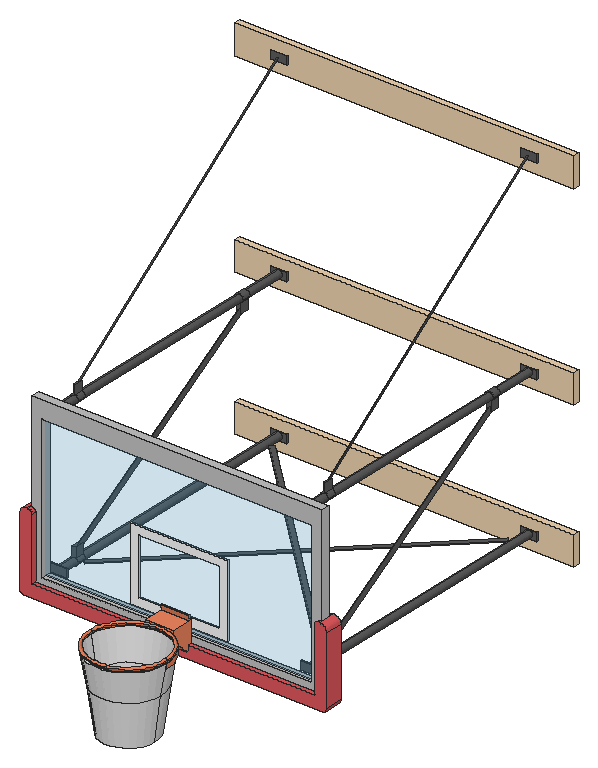
Revit family "Basketball_Backstop-Wall_Mount-Stationary-IPIbyBison-IP10WB", category Specialty Equipment, Revit 2024
Family settings
  Round Connector Dimension = Use Diameter
  Part Type = Normal
  OmniClass Number = 23.40.50.34.14
  OmniClass Title = Gymnasium Equipment
  Work Plane-Based = Yes
  Enable Cutting in Views = No
  Always vertical = No
  Cut with Voids When Loaded = No
  Maintain Annotation Orientation = No
  Shared = No
  Room Calculation Point = No
Parameters (values of type "Wall Mounted Stationary")
  wall distance text = "1 to 10 ft from Wall"
  cablecontrol [instance] = 0' - 8"  # constant formula
  Wall Plate Material = Wood - IPI by Bison
  Unit Width = 7' - 0"
  Unit Height [instance] = Stringer Height_First + 0' 2"  # 10' - 0"
  Unit Depth = 2' - 8"
  URL = "https://ipibybison.com/"
  Stringer Wood [instance] = Wood - IPI by Bison
  Stringer Height_Third [instance] = 4' - 0"
  Stringer Height_Second [instance] = 3' - 0"
  Stringer Height_First [instance] = 9' - 10"
  Specification = "https://www.arcat.com/company/ipi-by-bison-38554/spec"
  Rim Color [instance] = Plastic - IPI by Bison - Orange OR
  Range of Wall Distance [instance] = wall distance text  # "1 to 10 ft from Wall"
  Product Page URL = "https://www.arcat.com/arcatcos/cos38/arc38554.html"
  Net Color [instance] = Finish - IPI by Bison - White Netting
  Model = "IP10WB"
  Manufacturer = "IPI by Bison"
  Keynote = "11 66 00"
  Glass [instance] = Glass - IPI by Bison
  Frame Finish [instance] = Finish - IPI by Bison - Black
  ExtReinforce [instance] = Backboard Distance from Wall > 2' 0"  # yes
  Description = "Basketball Frame and Backboard, Wall Mount"
  Default Elevation = 0' - 0"
  Copyright = "© 2023 ARCAT"  # constant formula
  CAD Details = "https://www.arcat.com/company/ipi-by-bison-38554/cad"
  Backboard Square Color [instance] = Finish - IPI by Bison - White
  Backboard Padding Color [instance] = Plastic - IPI by Bison - Scarlet SC
  Backboard Distance from Wall [instance] = 6' - 0"
  Backboard Color [instance] = Finish - IPI by Bison - Satin Aluminum
  Assembly Code = ""
Reference planes (in)
  plane 1 "Center (Front/Back)": y = 0
  plane 2 "Bottom": z = 0
  plane 3 "Center (Left/Right)": x = 0
  plane 4 "Left": x = -42
  plane 5 "Right": x = 42
  plane 6 "Top": z = 120
  plane 7: y = -72
  plane 8: y = -59.5813
  plane 9: z = 118
  plane 10: z = 154
  plane 11: z = 202
  plane 12: x = -31.00488
  plane 13: x = 31.00488
  plane 14: y = -69.5
  plane 15: y = -64
  plane 16: y = -6
Forms (in)
  Extrusion 1, solid, material "Wood - IPI by Bison" <- "Stringer Wood"
    sketch origin (0, 0, 0) x (0, 1, 0) y (0, 0, 1)
      loop
        line (0, 198.375) -> (0, 205.625) -> (-1.5, 205.625) -> (-1.5, 198.375) -> (0, 198.375)
      loop
        line (0, 150.375) -> (0, 157.625) -> (-1.5, 157.625) -> (-1.5, 150.375) -> (0, 150.375)
      loop
        line (0, 114.375) -> (0, 121.625) -> (-1.5, 121.625) -> (-1.5, 114.375) -> (0, 114.375)
    from -42 to 42
  Extrusion 2, solid, material "Finish - IPI by Bison - Black" <- "Frame Finish"
    sketch origin (-31.00488, -180, 220.71867) x (0, 0, 1) y (0, -1, 0)
      loop
        line (-67.71867, -110.25) -> (-67.71867, -110.5) -> (-65.71867, -110.5) -> (-65.71867, -110.25) -> (-67.71867, -110.25)
      loop
        line (-101.71867, -110.25) -> (-103.71867, -110.25) -> (-103.71867, -110.5) -> (-101.71867, -110.5) -> (-101.71867, -110.25)
      loop
        line (-67.71867, -178.5) -> (-65.71867, -178.5) -> (-65.71867, -178.25) -> (-67.71867, -178.25) -> (-67.71867, -178.5)
      loop
        line (-103.71867, -178.5) -> (-101.71867, -178.5) -> (-101.71867, -178.25) -> (-103.71867, -178.25) -> (-103.71867, -178.5)
      loop
        line (-19.71867, -178.5) -> (-17.71867, -178.5) -> (-17.71867, -178.25) -> (-19.71867, -178.25) -> (-19.71867, -178.5)
    from 2 to -2
  Extrusion 3, solid, material "Finish - IPI by Bison - Black" <- "Frame Finish"
    sketch origin (31.00488, -180, 220.71867) x (0, 0, 1) y (0, -1, 0)
      loop
        line (-65.71867, -110.25) -> (-67.71867, -110.25) -> (-67.71867, -110.5) -> (-65.71867, -110.5) -> (-65.71867, -110.25)
      loop
        line (-103.71867, -110.25) -> (-103.71867, -110.5) -> (-101.71867, -110.5) -> (-101.71867, -110.25) -> (-103.71867, -110.25)
      loop
        line (-103.71867, -178.25) -> (-103.71867, -178.5) -> (-101.71867, -178.5) -> (-101.71867, -178.25) -> (-103.71867, -178.25)
      loop
        line (-67.71867, -178.25) -> (-67.71867, -178.5) -> (-65.71867, -178.5) -> (-65.71867, -178.25) -> (-67.71867, -178.25)
      loop
        line (-19.71867, -178.25) -> (-19.71867, -178.5) -> (-17.71867, -178.5) -> (-17.71867, -178.25) -> (-19.71867, -178.25)
    from 2 to -2
  Extrusion 4, solid, material "Finish - IPI by Bison - Black" <- "Frame Finish"
    sketch origin (31.00488, -1.75, 153) x (0, 0, 1) y (-1, 0, 0)
      loop
        circle (1, 62.00977) r 0.875
      loop
        circle (-35, 62.00977) r 0.875
      loop
        circle (1, 0) r 0.875
      loop
        circle (-35, 0) r 0.875
    from 0 to 67.75
  Extrusion 5, solid, material "Finish - IPI by Bison - Black" <- "Frame Finish"
    sketch origin (0, -64, 159.04229) x (0, 0, 1) y (1, 0, 0)
      loop
        line (-4.05404, 30.85203) -> (-1.80404, 30.85203) -> (-1.80404, 31.15773) -> (-4.05404, 31.15773)
        arc (-4.05404, 31.15773) -> (-6.04229, 31.00488) -> (-4.05404, 30.85203) r 1
      loop
        arc (-4.05404, -30.85203) -> (-6.04229, -31.00488) -> (-4.05404, -31.15773) r 1
        line (-4.05404, -31.15773) -> (-1.80404, -31.15773) -> (-1.80404, -30.85203) -> (-4.05404, -30.85203)
    from 1 to -1
  Sweep 6, solid, material "Finish - IPI by Bison - Black" <- "Frame Finish"
    path origin (0, 0, 0) x (0, 1, 0) y (0, 0, 1)
      loop
        line (-64, 156.75) -> (-2.09969, 202)
    profile origin (0, -33.04984, 179.375) x (0, -0.590145, 0.807297) y (1, 0, 0)
      loop
        circle (0, -31.00488) r 0.125
      loop
        circle (0, 31.00488) r 0.125
  Extrusion 7, solid, material "Finish - IPI by Bison - Black" <- "Frame Finish", visible <- "ExtReinforce"
    sketch origin (0, -64, 159.04229) x (0, 0, 1) y (1, 0, 0)
      loop
        arc (-40.23514, -30.41453) -> (-42.04229, -31.00488) -> (-40.23514, -31.59523) r 1
        line (-40.23514, -31.59523) -> (-37.80404, -31.59523) -> (-37.80404, -30.41453) -> (-40.23514, -30.41453)
      loop
        line (-40.23514, 30.41453) -> (-37.80404, 30.41453) -> (-37.80404, 31.59523) -> (-40.23514, 31.59523)
        arc (-40.23514, 31.59523) -> (-42.04229, 31.00488) -> (-40.23514, 30.41453) r 1
    from 1 to -1
  Extrusion 8, solid, material "Finish - IPI by Bison - Black" <- "Frame Finish", visible <- "ExtReinforce"
    sketch origin (0, 0, 0) x (1, 0, 0) y (0, 0, 1)
      loop
        line (30.41453, 153.19285) -> (30.41453, 150.76175) -> (31.59523, 150.76175) -> (31.59523, 153.19285)
        arc (31.59523, 153.19285) -> (31.00488, 155) -> (30.41453, 153.19285) r 1
      loop
        arc (-30.41453, 153.19285) -> (-31.00488, 155) -> (-31.59523, 153.19285) r 1
        line (-31.59523, 153.19285) -> (-31.59523, 150.76175) -> (-30.41453, 150.76175) -> (-30.41453, 153.19285)
    from 14 to 12
  Sweep 9, solid, material "Finish - IPI by Bison - Black" <- "Frame Finish", visible <- "ExtReinforce"
    path origin (0, 0, 0) x (0, 1, 0) y (0, 0, 1)
      loop
        line (-64, 120.25) -> (-13.02507, 151.44784)
    profile origin (0, -38.51254, 135.84892) x (0, -0.522016, 0.852935) y (1, 0, 0)
      loop
        line (-0.625, 31.13152) -> (-0.625, 30.88152) -> (0.625, 30.88152) -> (0.625, 31.13152) -> (-0.625, 31.13152)
      loop
        line (-0.625, -31.13152) -> (0.625, -31.13152) -> (0.625, -30.88152) -> (-0.625, -30.88152) -> (-0.625, -31.13152)
  Sweep 10, solid, material "Finish - IPI by Bison - Black" <- "Frame Finish", visible <- "ExtReinforce"
    path origin (0, 0, 0) x (1, 0, 0) y (0, 1, 0)
      loop
        line (-29.25488, -6) -> (29.256, -64)
    profile origin (0.00056, -35, 0) x (0.703999, 0.710201, 0) y (0, 0, 1)
      loop
        line (-0.625, 118) -> (0.625, 118) -> (0.625, 118.25) -> (-0.625, 118.25) -> (-0.625, 118)
  Sweep 11, solid, material "Finish - IPI by Bison - Black" <- "Frame Finish", visible <- "ExtReinforce"
    path origin (0, 0, 0) x (-1, 0, 0) y (0, 1, 0)
      loop
        line (-29.25488, -6) -> (29.256, -64)
    profile origin (-0.00056, -35, 0) x (0.703999, -0.710201, 0) y (0, 0, 1)
      loop
        line (-0.65618, 118) -> (-0.65618, 117.75) -> (0.59382, 117.75) -> (0.59382, 118) -> (-0.65618, 118)
Dimensions and locks (in)
  equal spacing: plane 4 "Left", plane 3 "Center (Left/Right)", plane 5 "Right"
  "Unit Width": plane 4 "Left" to plane 5 "Right"
  "Unit Height": plane 6 "Top" to level
  locked: plane 7 to plane 8 at 12.4187
  "Backboard Distance from Wall": plane 7 to plane 1 "Center (Front/Back)"
  "Stringer Height_First": plane 9 to level
  "Stringer Height_Second": plane 10 to plane 9
  "Stringer Height_Third": plane 11 to plane 10
  Extrusion 1 sketch curve to plane 9 to Extrusion 1 sketch curve = 0' - 3 5/8" locked, 0' - 3 5/8" locked
  Extrusion 1 sketch curve to plane 10 to Extrusion 1 sketch curve = 0' - 3 5/8" locked, 0' - 3 5/8" locked
  Extrusion 1 sketch curve to plane 11 to Extrusion 1 sketch curve = 0' - 3 5/8" locked, 0' - 3 5/8" locked
  Extrusion 2 sketch curve to plane 10 to Extrusion 2 sketch curve = 0' - 1" locked, 0' - 1" locked  (x2)
  plane 7 to Extrusion 2 sketch curve to Extrusion 2 sketch curve = 0' - 2 1/4" locked, 0' - 0 1/4" locked  (x2)
  Extrusion 2 sketch curve to plane 9 to Extrusion 2 sketch curve = 0' - 1" locked, 0' - 1" locked  (x2)
  Extrusion 2 sketch curve to plane 11 to Extrusion 2 sketch curve = 0' - 1" locked, 0' - 1" locked
  equal spacing: plane 13, plane 3 "Center (Left/Right)", plane 12
  locked: plane 13 to plane 12 at 62.00977
  locked: Extrusion 3 sketch curve to Extrusion 3 sketch curve at 0.25  (x5)
  Extrusion 3 sketch curve to plane 10 to Extrusion 3 sketch curve = 0' - 1" locked, 0' - 1" locked  (x2)
  Extrusion 3 sketch curve to plane 9 to Extrusion 3 sketch curve = 0' - 1" locked, 0' - 1" locked  (x2)
  locked: plane 7 to Extrusion 3 sketch curve at 2.25  (x2)
  Extrusion 3 sketch curve to plane 11 to Extrusion 3 sketch curve = 0' - 1" locked, 0' - 1" locked
  locked: Extrusion 4 sketch curve to plane 12
  locked: Extrusion 4 sketch curve to plane 10
  locked: plane 12 to Extrusion 4 sketch curve
  locked: plane 9 to Extrusion 4 sketch curve  (x2)
  locked: plane 13 to Extrusion 4 sketch curve
  locked: Extrusion 4 sketch curve to plane 13
  locked: plane 10 to Extrusion 4 sketch curve
  locked: plane 7 to plane 14 at 2.5
  "cablecontrol": plane 7 to plane 15
  Extrusion 5 sketch curve to plane 13 to Extrusion 5 sketch curve to Extrusion 5 sketch curve = 0' - 0.15285" locked, 0' - 0" locked, 0' - 0.15285" locked
  Extrusion 5 sketch curve to plane 12 to Extrusion 5 sketch curve to Extrusion 5 sketch curve = 0' - 0.15285" locked, 0' - 0" locked, 0' - 0.15285" locked
  Extrusion 5 sketch curve to plane 10 to Extrusion 5 sketch curve = 0' - 3.23825" locked, 0' - 0" locked  (x2)
  locked: Sweep 6 sketch curve to plane 1 "Center (Front/Back)" at 2.09969
  locked: plane 11 to Sweep 6 sketch curve at 0
  locked: Sweep 6 sketch curve to plane 10 at 2.75
  locked: plane 15 to Sweep 6 sketch curve
  Extrusion 7 sketch curve to plane 9 to Extrusion 7 sketch curve = 0' - 3.23825" locked, 0' - 0" locked  (x2)
  Extrusion 7 sketch curve to plane 12 to Extrusion 7 sketch curve to Extrusion 7 sketch curve = 0' - 0.59035" locked, 0' - 0" locked, 0' - 0.59035" locked
  Extrusion 7 sketch curve to plane 13 to Extrusion 7 sketch curve to Extrusion 7 sketch curve = 0' - 0.59035" locked, 0' - 0" locked, 0' - 0.59035" locked
  plane 10 to Extrusion 8 sketch curve to Extrusion 8 sketch curve = 0' - 0" locked, 0' - 3.23825" locked  (x2)
  locked: plane 10 to Sweep 9 sketch curve at 2.55216
  locked: Sweep 9 sketch curve to plane 1 "Center (Front/Back)" at 13.02507
  locked: plane 15 to Sweep 9 sketch curve at 0
  locked: Sweep 9 sketch curve to plane 9 at 2.25
  locked: Extrusion 3 sketch curve to plane 1 "Center (Front/Back)" at 1.5
  locked: plane 16 to plane 1 "Center (Front/Back)" at 6
  locked: plane 12 to Sweep 10 sketch curve at 1.75
  locked: Sweep 10 sketch curve to plane 13 at 1.74888
  Sweep 10 sketch curve to plane 9 to Sweep 10 sketch curve = 0' - 0 1/4" locked, 0' - 0" locked
  locked: Sweep 11 sketch curve to plane 13 at 1.75
  locked: plane 12 to Sweep 11 sketch curve at 1.74888
  plane 9 to Sweep 11 sketch curve to Sweep 11 sketch curve = 0' - 0" locked, 0' - 0 1/4" locked
  aligned and locked: nested 1 to plane 8
  aligned and locked: Extrusion 1 to plane 4 "Left"
  aligned and locked: plane 5 "Right" to Extrusion 1
  aligned and locked: plane 14 to Extrusion 4
  aligned and locked: plane 16 to Sweep 10 sketch curve
  aligned and locked: plane 15 to Sweep 10 sketch curve
  aligned and locked: plane 16 to Sweep 11 sketch curve
  aligned and locked: plane 15 to Sweep 11 sketch curve
Automatic sketch dimensions
  plane 10 to Extrusion 5 sketch curve = 0' - 0.98825"  (x2)
  Sweep 6 sketch curve to profile plane = 0' - 0"  (x2)
  Sweep 6 sketch curve to plane 3 "Center (Left/Right)" = 2' - 7.00488"
  plane 3 "Center (Left/Right)" to Sweep 6 sketch curve = 2' - 7.00488"
  plane 9 to Extrusion 7 sketch curve = 0' - 0.80715"  (x2)
  Extrusion 8 sketch curve to plane 12 = 0' - 0"
  Extrusion 8 sketch curve to plane 13 = 0' - 0"
  Extrusion 8 sketch curve to plane 12 = 0' - 0.59035"
  plane 12 to Extrusion 8 sketch curve = 0' - 0.59035"
  Extrusion 8 sketch curve to plane 13 = 0' - 0.59035"
  plane 13 to Extrusion 8 sketch curve = 0' - 0.59035"
  Extrusion 8 sketch curve to plane 10 = 0' - 0.80715"  (x2)
  profile plane to Sweep 9 sketch curve = 0' - 0 5/8"  (x2)
  Sweep 9 sketch curve to profile plane = 0' - 0 5/8"  (x2)
  Sweep 9 sketch curve to plane 3 "Center (Left/Right)" = 2' - 7.13152"
  Sweep 9 sketch curve to Sweep 9 sketch curve = 0' - 0 1/4"  (x2)
  plane 3 "Center (Left/Right)" to Sweep 9 sketch curve = 2' - 6.88152"
  profile plane to Sweep 10 sketch curve = 0' - 0 5/8"
  Sweep 10 sketch curve to profile plane = 0' - 0 5/8"
  Sweep 11 sketch curve to Sweep 11 sketch curve = 0' - 1 1/4"
  profile plane to Sweep 11 sketch curve = 0' - 0.65618"
  Extrusion 1 sketch curve to plane 1 "Center (Front/Back)" = 0' - 0"  (x3)
  plane 1 "Center (Front/Back)" to Extrusion 1 sketch curve = 0' - 1 1/2"  (x3)
  plane 1 "Center (Front/Back)" to Extrusion 2 sketch curve = 0' - 1 3/4"  (x3)
  Extrusion 2 sketch curve to Extrusion 2 sketch curve = 0' - 0 1/4"  (x3)
  plane 1 "Center (Front/Back)" to Extrusion 3 sketch curve = 0' - 1 1/2"  (x2)
  radius of Sweep 6 sketch curve = 0' - 0 1/8"  (x2)
  radius of Extrusion 4 sketch curve = 0' - 0 7/8"  (x4)
Nested families (in)
  nested 1: "Backboard_BA42XLGlass" at (0, -59.5813, 120) x (-1, 0, 0) z (0, 0, 1), backboard color <- "Backboard Color", backboard square color <- "Backboard Square Color", glass <- "Glass", rim finish <- "Rim Color", net color <- "Net Color", height offset <- "Unit Height", padding color <- "Backboard Padding Color", type "Backboard_BA42XLGlass"
    with rim finish Plastic - IPI by Bison - Orange OR, padding color Plastic - IPI by Bison - Scarlet SC, net color Finish - IPI by Bison - White Netting, height offset 10' - 0", glass Glass - IPI by Bison, frame finish none, backboard square color Finish - IPI by Bison - White, backboard color Finish - IPI by Bison - Satin Aluminum
Definition of nested family "Backboard_BA42XLGlass"
  Parameters (values of type "Backboard_BA42XLGlass")
    padding color [instance] = none
    net color [instance] = none
    rim finish [instance] = none
    height offset [instance] = 9' - 6"
    glass [instance] = none
    frame finish [instance] = none
    backboard square color [instance] = none
    backboard color [instance] = none
    Default Elevation = 4' - 0"
  Reference planes (in)
    plane 1 "Center (Front/Back)": y = 0
    plane 2: z = 0
    plane 3 "Center (Left/Right)": x = 0
    plane 4: z = -114
  Forms (in)
    Extrusion 1, solid, material <- "backboard color"
      sketch origin (-8.43545, 11.2937, 28.94441) x (1, 0, 0) y (0, 0, 1)
        loop
          line (-27.56455, 6.99989) -> (-27.56455, -35.00011) -> (44.43545, -35.00011) -> (44.43545, 6.99989) -> (-27.56455, 6.99989)
        loop
          line (41.81045, 2.74989) -> (-24.93955, 2.74989) -> (-24.93955, -32.37511) -> (41.81045, -32.37511) -> (41.81045, 2.74989)
      from 1.125 to -1.125
    Extrusion 2, solid, material <- "padding color"
      sketch origin (-8.43545, 11.2937, 29.06941) x (1, 0, 0) y (0, 0, 1)
        loop
          line (-27.55038, -17.62511) -> (-27.80038, -17.62511)
          arc (-27.80038, -17.62511) -> (-29.03781, -18.13767) -> (-29.55038, -19.37511) r 1.75
          line (-29.55038, -19.37511) -> (-29.55038, -36.12511)
          arc (-29.55038, -36.12511) -> (-29.25748, -36.83222) -> (-28.55038, -37.12511) r 1
          line (-28.55038, -37.12511) -> (45.44962, -37.12511)
          arc (45.44962, -37.12511) -> (46.15673, -36.83222) -> (46.44962, -36.12511) r 1
          line (46.44962, -36.12511) -> (46.44962, -19.37511)
          arc (46.44962, -19.37511) -> (45.93706, -18.13767) -> (44.69962, -17.62511) r 1.75
          line (44.69962, -17.62511) -> (44.42127, -17.62511)
          arc (44.42127, -17.62511) -> (43.71416, -17.918) -> (43.42127, -18.62511) r 1
          line (43.42127, -18.62511) -> (43.42127, -33.98376) -> (-26.55038, -33.98376) -> (-26.55038, -18.62511)
          arc (-26.55038, -18.62511) -> (-26.84327, -17.918) -> (-27.55038, -17.62511) r 1
      from -2.18697 to 2.14819
    Revolve 3, solid, material <- "net color"
      sketch origin (-8.43545, 27.4812, 28.93687) x (1, 0, 0) y (0, 0, 1)
        loop
          circle (-0.85808, -29.24642) r 0.3125
        loop
          line (-1.03195, -29.9762) -> (0.27041, -37.36226) -> (1.80132, -48.25521) -> (2.05377, -48.25521) -> (0.51737, -37.32314) -> (-0.77809, -29.9762) -> (-1.03195, -29.9762)
        axis (8.43545, -48.25521) -> (8.43545, -29.24642)
      angle from 0 to 360
    Revolve 4, solid, material <- "rim finish"
      sketch origin (0.02792, 11.2937, 0) x (0, 1, 0) y (0, 0, 1)
        loop
          line (6.79001, -0.625) -> (6.54001, -0.625) -> (6.54001, -2.125) -> (6.79001, -2.125) -> (6.79001, -0.625)
        axis (16.04001, -2.125) -> (16.04001, -0.625)
      angle from -90 to 90
    Extrusion 5, solid, material <- "rim finish"
      sketch origin (0, 0, 0) x (0, 1, 0) y (0, 0, 1)
        loop
          line (17.69724, 0) -> (12.8212, 0) -> (13.12361, 1.21287) -> (12.79369, 1.29513) -> (12.47078, 0) -> (12.47078, -6.5) -> (13.63137, -6.5) -> (17.69724, -2.43414) -> (17.69724, 0)
      from -3.50075 to 3.49925
    Extrusion 6, solid, material <- "backboard square color"
      sketch origin (0.02792, 11.2937, 0) x (1, 0, 0) y (0, 0, 1)
        loop
          line (-12.02792, 16.0023) -> (-12.02792, -1.9977) -> (11.97208, -1.9977) -> (11.97208, 16.0023) -> (-12.02792, 16.0023)
        loop
          line (-10.02792, 14.0023) -> (-10.02792, 0) -> (9.97208, 0) -> (9.97208, 14.0023) -> (-10.02792, 14.0023)
      from -0.44333 to 0.05679
    Extrusion 7, solid, material <- "glass"
      sketch origin (0.02792, 11.2937, 0) x (1, 0, 0) y (0, 0, 1)
        loop
          line (-33.40292, 31.6943) -> (-33.40292, -3.4307) -> (33.34708, -3.4307) -> (33.34708, 31.6943) -> (-33.40292, 31.6943)
      from -0.405 to 0
  Lines and regions (in)
    model lines
      curve 1: line (-0.00075, 0, 0) -> (-0.00075, 0, -114)
  Dimensions and locks (in)
    "height offset": level to plane 4
    aligned and locked: plane 2 to level
    aligned and locked: plane 4 to curve 1
  Automatic sketch dimensions
    curve 1 to level = 0' - 0"
    curve 1 to plane 3 "Center (Left/Right)" = 0' - 0.00075"
    Extrusion 1 sketch curve to plane 3 "Center (Left/Right)" = 3' - 0"
    Extrusion 1 sketch curve to Extrusion 1 sketch curve = 0' - 2 5/8"  (x2)
    plane 3 "Center (Left/Right)" to Extrusion 1 sketch curve = 2' - 9 3/8"
    Extrusion 1 sketch curve to level = 0' - 6.0557"
    Extrusion 1 sketch curve to level = 0' - 3.4307"
    level to Extrusion 1 sketch curve = 2' - 7.6943"
    Extrusion 1 sketch curve to Extrusion 1 sketch curve = 0' - 4 1/4"
    level to Extrusion 2 sketch curve = 0' - 9.6943"
    Extrusion 2 sketch curve to plane 3 "Center (Left/Right)" = 3' - 1.98582"
    Extrusion 2 sketch curve to Extrusion 2 sketch curve = 0' - 1"  (x4)
    Extrusion 2 sketch curve to Extrusion 2 sketch curve = 0' - 1 3/4"
    Extrusion 2 sketch curve to Extrusion 2 sketch curve = 0' - 0 1/4"
    level to Extrusion 2 sketch curve = 0' - 10.4443"
    plane 3 "Center (Left/Right)" to Extrusion 2 sketch curve = 2' - 10.98582"
    Extrusion 2 sketch curve to Extrusion 2 sketch curve = 0' - 0.27835"
    Extrusion 2 sketch curve to Extrusion 2 sketch curve = 0' - 2.02835"
    Extrusion 2 sketch curve to level = 0' - 4.91435"
    Extrusion 2 sketch curve to Extrusion 2 sketch curve = 0' - 2.14135"
    Revolve 3 sketch curve to plane 3 "Center (Left/Right)" = 0' - 0"
    Revolve 3 sketch curve to plane 3 "Center (Left/Right)" = 0' - 6.38167"
    Revolve 3 sketch curve to Revolve 3 sketch curve = 0' - 0.25246"
    Revolve 3 sketch curve to plane 3 "Center (Left/Right)" = 0' - 7.91808"
    Revolve 3 sketch curve to Revolve 3 sketch curve = 0' - 0.24696"
    Revolve 3 sketch curve to level = 0' - 1.03933"
    Revolve 3 sketch curve to Revolve 3 sketch curve = 0' - 1.0485"
    Revolve 3 sketch curve to level = 0' - 0.30954"
    Revolve 3 sketch curve to Revolve 3 sketch curve = 0' - 0.07999"
    Revolve 3 sketch curve to Revolve 3 sketch curve = 0' - 0.25386"
    Revolve 3 sketch curve to Revolve 3 sketch curve = 0' - 7.34694"
    Revolve 3 sketch curve to Revolve 3 sketch curve = 0' - 0.03911"
    Revolve 3 sketch curve to Revolve 3 sketch curve = 0' - 10.89295"
    Revolve 3 sketch curve to level = 0' - 0.00754"
    level to Revolve 3 sketch curve = 0' - 2.99246"
    Revolve 4 sketch curve to level = 0' - 2 1/8"
    Revolve 4 sketch curve to plane 1 "Center (Front/Back)" = 1' - 5.83371"
    Revolve 4 sketch curve to Revolve 4 sketch curve = 0' - 0 1/4"
    Revolve 4 sketch curve to level = 0' - 0 5/8"  (x2)
    Revolve 4 sketch curve to Revolve 4 sketch curve = 0' - 9 1/4"
    level to Revolve 4 sketch curve = 0' - 3 1/8"
    Extrusion 5 sketch curve to level = 0' - 0"  (x2)
    Extrusion 5 sketch curve to plane 1 "Center (Front/Back)" = 1' - 0.47078"
    level to Extrusion 5 sketch curve = 0' - 1.29513"
    Extrusion 5 sketch curve to Extrusion 5 sketch curve = 0' - 0.32291"
    Extrusion 5 sketch curve to Extrusion 5 sketch curve = 0' - 0.35043"
    Extrusion 5 sketch curve to Extrusion 5 sketch curve = 0' - 1.16059"
    Extrusion 5 sketch curve to Extrusion 5 sketch curve = 0' - 4.57363"
    Extrusion 5 sketch curve to Extrusion 5 sketch curve = 0' - 2.43414"
    Extrusion 5 sketch curve to Extrusion 5 sketch curve = 0' - 6 1/2"
    Extrusion 6 sketch curve to level = 0' - 0"
    Extrusion 6 sketch curve to level = 0' - 1.9977"
    Extrusion 6 sketch curve to plane 3 "Center (Left/Right)" = 1' - 0"
    Extrusion 6 sketch curve to Extrusion 6 sketch curve = 0' - 2"  (x3)
    plane 3 "Center (Left/Right)" to Extrusion 6 sketch curve = 0' - 10"
    Extrusion 6 sketch curve to Extrusion 6 sketch curve = 1' - 2.0023"
    Extrusion 7 sketch curve to plane 3 "Center (Left/Right)" = 2' - 9 3/8"
    Extrusion 7 sketch curve to level = 0' - 3.4307"
    plane 3 "Center (Left/Right)" to Extrusion 7 sketch curve = 2' - 9 3/8"
    level to Extrusion 7 sketch curve = 2' - 7.6943"
    radius of Revolve 3 sketch curve = 0' - 0 5/16"
